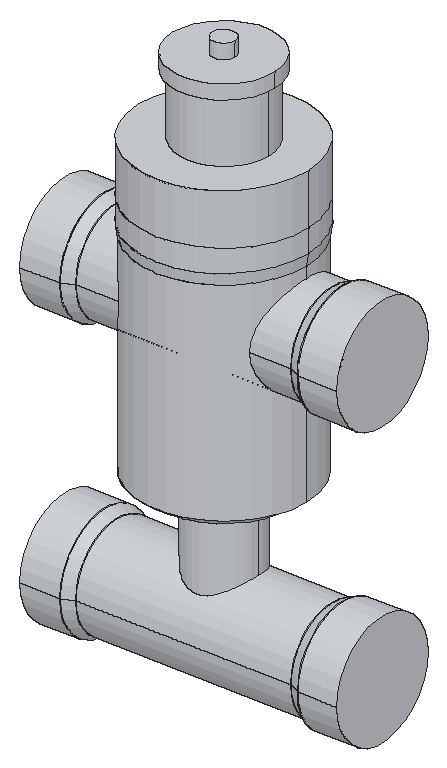
Revit family "VTX21P_DN20_PN16_RFA_2019", category Pipe Accessories, Revit 2019
Family settings
  Round Connector Dimension = Use Diameter
  Part Type = Valve - Breaks Into
  Work Plane-Based = No
  Always vertical = Yes
  Cut with Voids When Loaded = No
  Shared = No
Parameters (values of type "VTX21P G3/4  PN16 kvs2,5")
  magiProductId = ""
  magiProductFamilyId = ""
  magiPartTypeId = 306
  isMeasuringValve [instance] = no
  ang2D [instance] = 0.00°
  Z8 = 4 mm
  Z7__ve = -Z7  # -2.5 mm
  Z7 = 2.5 mm
  Z5 = 9.1 mm
  Z3 = 2 mm
  Z2 = 17.5 mm
  X4__ve = -X4  # -7 mm
  X4 = 7 mm
  X3 = 38 mm
  W2D = 15 mm
  VersionID = ""
  Use Minimum Symbol Size [instance] = yes
  URL = "www.hydronix.cz"
  Type Comments = "Závitový, vnější závit, ploché těsnění; LIN charakteristika; PN16; +5~+95°C; max.rychlost proudění 3,0 m/s"
  R9 = 9 mm
  R8 = 2 mm
  R7 = 15 mm
  R6 = 11.76 mm
  R5 = 7.409 mm
  R4 = 6.174 mm
  R2 = 14.7 mm
  R10 = 8 mm
  R1 = 9 mm
  QmdConnectorList = "301;D;302;D"
  Productdata [instance] = ""
  Manufacturer = "Hydronix"
  MC2 = yes
  MC Product Code = "VTX21P (G3/4\"; dpmax=150kPa; kvs 2,5)"
  MC = no
  LT2 = 21 mm
  L2D_Min = 3048 mm
  L2D = 38 mm
  H1 = 37.4 mm
  H = 26 mm
  E = 16 mm
  Description = "3 cestný regulační ventil malých spotřebičů s obtokem, DN20; zdvih 2,5mm; max dp 150kPa; kvs2,5"
  DT2 = 10 mm
  D = 20 mm
  CAT0 = yes
  C = 50 mm
Types (8, lengths in mm): name | Z5 | Z2 | X3 | R6 | R5 | R4 | R2 | R1 | MC Product Code | LT2 | H1 | H | Description | DT2 | D | C
  VTX09P G1/2  PN16 kvs0,25 | 9.45 | 8.05 | 34 | 10.64 | 6.703 | 5.586 | 13.3 | 6.75 | "VTX09P (G1/2\"; dpmax=250kPa; kvs 0,25)" | 19 | 20.5 | 27 | "3 cestný regulační ventil malých spotřebičů s obtokem, DN15; zdvih 2,5mm; max dp 250kPa; kvs0,25" | 7.5 | 15 | 23
  VTX10P G1/2  PN16 kvs0,4 | 9.45 | 8.05 | 34 | 10.64 | 6.703 | 5.586 | 13.3 | 6.75 | "VTX10P (G1/2\"; dpmax=250kPa; kvs 0,4)" | 19 | 20.5 | 27 | "3 cestný regulační ventil malých spotřebičů s obtokem, DN15; zdvih 2,5mm; max dp 250kPa; kvs0,4" | 7.5 | 15 | 23
  VTX12P G1/2  PN16 kvs1,0 | 9.45 | 8.05 | 34 | 10.64 | 6.703 | 5.586 | 13.3 | 6.75 | "VTX12P (G1/2\"; dpmax=250kPa; kvs 1,0)" | 19 | 20.5 | 27 | "3 cestný regulační ventil malých spotřebičů s obtokem, DN15; zdvih 2,5mm; max dp 250kPa; kvs1,0" | 7.5 | 15 | 23
  VTX13P G1/2  PN16 kvs1,6 | 9.45 | 8.05 | 34 | 10.64 | 6.703 | 5.586 | 13.3 | 6.75 | "VTX13P (G1/2\"; dpmax=250kPa; kvs 1,6)" | 19 | 20.5 | 27 | "3 cestný regulační ventil malých spotřebičů s obtokem, DN15; zdvih 2,5mm; max dp 250kPa; kvs1,6" | 7.5 | 15 | 23
  VTX21P G3/4  PN16 kvs2,5 | 9.1 | 17.5 | 38 | 11.76 | 7.409 | 6.174 | 14.7 | 9 | "VTX21P (G3/4\"; dpmax=150kPa; kvs 2,5)" | 21 | 37.4 | 26 | "3 cestný regulační ventil malých spotřebičů s obtokem, DN20; zdvih 2,5mm; max dp 150kPa; kvs2,5" | 10 | 20 | 50
  VTX24P G3/4  PN16 kvs4,0 | 9.1 | 17.5 | 38 | 11.76 | 7.409 | 6.174 | 14.7 | 9 | "VTX24P (G3/4\"; dpmax A-AB=100kPa;  dpmax B-AB=40kPa;  kvs 4,0)" | 21 | 37.4 | 26 | "3 cestný regulační ventil malých spotřebičů s obtokem, DN20; zdvih 2,5mm; max dp A-AB 100kPa; max dp B-AB 40kPa; kvs4,0" | 10 | 20 | 50
  VTX26P G3/4  PN16 kvs6,0 | 9.1 | 17.5 | 38 | 11.76 | 7.409 | 6.174 | 14.7 | 9 | "VTX26P (G3/4\"; dpmax A-AB=100kPa;  dpmax B-AB=40kPa; kvs 6,0)" | 21 | 37.4 | 26 | "3 cestný regulační ventil malých spotřebičů s obtokem, DN20; zdvih 2,5mm; max dp A-AB 100kPa; max dp B-AB 40kPa; kvs6,0" | 10 | 20 | 50
  VTX11P G1/2  PN16 kvs0,6 | 9.45 | 8.05 | 34 | 10.64 | 6.703 | 5.586 | 13.3 | 6.75 | "VTX11P (G1/2\"; dpmax=250kPa; kvs 0,6)" | 19 | 20.5 | 27 | "3 cestný regulační ventil malých spotřebičů s obtokem, DN15; zdvih 2,5mm; max dp 250kPa; kvs0,6" | 7.5 | 15 | 23
Reference planes
  plane 1 "Center (Front/Back)": y = 0
  plane 2 "XYPLANE": z = 0
  plane 3 "Center (Left/Right)": x = 0
  plane 4 "271": z = 37
  plane 5 "254": z = 10.9
  plane 6 "253": z = 16.9
  plane 7 "148": z = 39.5
  plane 8 "132": z = 42
  plane 9 "62": z = 12.9
  plane 10 "53": z = 26
  plane 11 "52": z = -26.5
  plane 12 "48": z = -28.5
  plane 13 "47": z = -30.5
  plane 14 "38": z = -48
  plane 15 "37": x = 19
  plane 16 "36": x = 21
  plane 17 "23": z = -50
  plane 18 "19": x = -19
  plane 19 "15": x = -21
  plane 20 "6": x = 28
  plane 21 "5": x = -28
  plane 22 "3": z = 0
  plane 23 "2": y = 0
  plane 24 "1": x = 0
Forms (mm)
  Extrusion 1, solid
    sketch origin (-19, -750, 0) x (0, 1, 0) y (0, 0, 1)
      loop
        circle (750, -50) r 9
    from 0 to 38 <- "X3"
  Blend 2, solid
    base sketch origin (21, -750, 0) x (0, 1, 0) y (0, 0, 1)
      loop
        circle (750, -50) r 10
    top sketch origin (21, -750, 0) x (0, 1, 0) y (0, 0, 1)
      loop
        circle (750, -50) r 9
    from 0 to -2
  Extrusion 3, solid
    sketch origin (28, -750, 0) x (0, 1, 0) y (0, 0, 1)
      loop
        circle (750, -50) r 10
    from 0 to -7 <- "X4__ve"
  Extrusion 4, solid
    sketch origin (-28, -750, 0) x (0, 1, 0) y (0, 0, 1)
      loop
        circle (750, -50) r 10
    from 0 to 7 <- "X4"
  Blend 5, solid
    base sketch origin (-21, -750, 0) x (0, 1, 0) y (0, 0, 1)
      loop
        circle (750, -50) r 10
    top sketch origin (-21, -750, 0) x (0, 1, 0) y (0, 0, 1)
      loop
        circle (750, -50) r 9
    from 0 to 2
  Extrusion 6, solid, visible <- "CAT0"
    sketch origin (-750, 0, 42) x (1, 0, 0) y (0, 1, 0)
      loop
        circle (750, 0) r 2
    from 0 to -2.5 <- "Z7__ve"
  Extrusion 7, solid, visible <- "CAT0"
    sketch origin (-750, 0, 37) x (1, 0, 0) y (0, 1, 0)
      loop
        circle (750, 0) r 8
    from 0 to -19
  Extrusion 8, solid, visible <- "CAT0"
    sketch origin (-19, -750, 0) x (0, 1, 0) y (0, 0, 1)
      loop
        circle (750, 0) r 9
    from 0 to 38 <- "X3"
  Extrusion 9, solid
    sketch origin (-750, 0, 12.9) x (1, 0, 0) y (0, 1, 0)
      loop
        circle (750, 0) r 15
    from 0 to 4 <- "Z8"
  Extrusion 10, solid
    sketch origin (-750, 0, 39.5) x (1, 0, 0) y (0, 1, 0)
      loop
        circle (750, 0) r 9
    from 0 to -2.5 <- "Z7__ve"
  Extrusion 11, solid
    sketch origin (-750, 0, 16.9) x (1, 0, 0) y (0, 1, 0)
      loop
        circle (750, 0) r 15
    from 0 to 9.1 <- "Z5"
  Blend 12, solid
    base sketch origin (-750, 0, 10.9) x (1, 0, 0) y (0, 1, 0)
      loop
        circle (750, 0) r 14.7
    top sketch origin (-750, 0, 10.9) x (1, 0, 0) y (0, 1, 0)
      loop
        circle (750, 0) r 15
    from 0 to 2
  Blend 13, solid
    base sketch origin (-750, 0, -26.5) x (1, 0, 0) y (0, 1, 0)
      loop
        circle (750, 0) r 14.7
    top sketch origin (-750, 0, -26.5) x (1, 0, 0) y (0, 1, 0)
      loop
        circle (750, 0) r 11.76
    from 0 to -2
  Blend 14, solid
    base sketch origin (-750, 0, -28.5) x (1, 0, 0) y (0, 1, 0)
      loop
        circle (750, 0) r 7.409
    top sketch origin (-750, 0, -28.5) x (1, 0, 0) y (0, 1, 0)
      loop
        circle (750, 0) r 6.174
    from 0 to -2
  Extrusion 15, solid
    sketch origin (-750, 0, -48) x (1, 0, 0) y (0, 1, 0)
      loop
        circle (750, 0) r 6.174
    from 0 to 17.5 <- "Z2"
  Extrusion 16, solid
    sketch origin (28, -750, 0) x (0, 1, 0) y (0, 0, 1)
      loop
        circle (750, 0) r 10
    from 0 to -7 <- "X4__ve"
  Blend 17, solid
    base sketch origin (21, -750, 0) x (0, 1, 0) y (0, 0, 1)
      loop
        circle (750, 0) r 10
    top sketch origin (21, -750, 0) x (0, 1, 0) y (0, 0, 1)
      loop
        circle (750, 0) r 9
    from 0 to -2
  Extrusion 18, solid
    sketch origin (-750, 0, -26.5) x (1, 0, 0) y (0, 1, 0)
      loop
        circle (750, 0) r 14.7
    from 0 to 37.4 <- "H1"
  Blend 19, solid
    base sketch origin (-21, -750, 0) x (0, 1, 0) y (0, 0, 1)
      loop
        circle (750, 0) r 10
    top sketch origin (-21, -750, 0) x (0, 1, 0) y (0, 0, 1)
      loop
        circle (750, 0) r 9
    from 0 to 2
  Extrusion 20, solid
    sketch origin (-28, -750, 0) x (0, 1, 0) y (0, 0, 1)
      loop
        circle (750, 0) r 10
    from 0 to 7 <- "X4"
  Extrusion 21, solid, not visible
    sketch origin (21, -750, 0) x (0, 1, 0) y (0, 0, 1)
      loop
        circle (750, 0) r 10
    from 0 to -10
  Extrusion 22, solid, not visible
    sketch origin (-21, -750, 0) x (0, 1, 0) y (0, 0, 1)
      loop
        circle (750, 0) r 10
    from 0 to 10
Lines and regions (mm)
  reference lines, not visible
    curve 1: circle (2, 2, 0) r 1 normal (0, 0, 1)
Dimensions and locks
  plane 1 "Center (Front/Back)" to curve 1 = 2 mm
  "Z7": plane 7 "148" to plane 4 "271"
  "Z3": plane 9 "62" to plane 5 "254"
  "Z5": plane 10 "53" to plane 6 "253"
  "Z7": plane 8 "132" to plane 7 "148"
  "E": plane 10 "53" to plane 8 "132"
  "Z8": plane 6 "253" to plane 9 "62"
  "H": plane 2 "XYPLANE" to plane 10 "53"
  "Z3": plane 12 "48" to plane 11 "52"
  "Z3": plane 13 "47" to plane 12 "48"
  "Z2": plane 14 "38" to plane 13 "47"
  "Z3": plane 17 "23" to plane 14 "38"
  locked: plane 16 "36" to plane 15 "37" at 2
  "LT2": plane 3 "Center (Left/Right)" to plane 16 "36"
  "C": plane 2 "XYPLANE" to plane 17 "23"
  locked: plane 19 "15" to plane 18 "19" at 2
  "LT2": plane 3 "Center (Left/Right)" to plane 19 "15"
  "X4": plane 16 "36" to plane 20 "6"
  "X4": plane 19 "15" to plane 21 "5"
  locked: plane 2 "XYPLANE" to plane 22 "3"
  locked: plane 1 "Center (Front/Back)" to plane 23 "2"
  locked: plane 3 "Center (Left/Right)" to plane 24 "1"
  "R1": radius of Extrusion 1 sketch curve
  "R1": radius of Blend 2 sketch curve
  "DT2": radius of Blend 2 sketch curve
  "DT2": radius of Extrusion 3 sketch curve
  "DT2": radius of Extrusion 4 sketch curve
  "R1": radius of Blend 5 sketch curve
  "DT2": radius of Blend 5 sketch curve
  "R8": radius of Extrusion 6 sketch curve
  "R10": radius of Extrusion 7 sketch curve
  "R1": radius of Extrusion 8 sketch curve
  "R7": radius of Extrusion 9 sketch curve
  "R9": radius of Extrusion 10 sketch curve
  "R7": radius of Extrusion 11 sketch curve
  "R7": radius of Blend 12 sketch curve
  "R2": radius of Blend 12 sketch curve
  "R6": radius of Blend 13 sketch curve
  "R2": radius of Blend 13 sketch curve
  "R4": radius of Blend 14 sketch curve
  "R5": radius of Blend 14 sketch curve
  "R4": radius of Extrusion 15 sketch curve
  "DT2": radius of Extrusion 16 sketch curve
  "R1": radius of Blend 17 sketch curve
  "DT2": radius of Blend 17 sketch curve
  "R2": radius of Extrusion 18 sketch curve
  "R1": radius of Blend 19 sketch curve
  "DT2": radius of Blend 19 sketch curve
  "DT2": radius of Extrusion 20 sketch curve
  aligned and locked: level to plane 2 "XYPLANE"
  aligned and locked: plane 17 "23" to Extrusion 1 sketch curve
  aligned and locked: Extrusion 1 sketch curve to plane 23 "2"
  aligned and locked: plane 17 "23" to Blend 2 sketch curve  (x2)
  aligned and locked: Blend 2 sketch curve to plane 23 "2"  (x2)
  aligned and locked: Blend 2 to plane 15 "37"
  aligned and locked: plane 17 "23" to Extrusion 3 sketch curve
  aligned and locked: Extrusion 3 sketch curve to plane 23 "2"
  aligned and locked: plane 17 "23" to Extrusion 4 sketch curve
  aligned and locked: Extrusion 4 sketch curve to plane 23 "2"
  aligned and locked: plane 17 "23" to Blend 5 sketch curve  (x2)
  aligned and locked: Blend 5 sketch curve to plane 23 "2"  (x2)
  aligned and locked: plane 18 "19" to Blend 5
  aligned and locked: plane 23 "2" to Extrusion 6 sketch curve
  aligned and locked: plane 24 "1" to Extrusion 6 sketch curve
  aligned and locked: plane 23 "2" to Extrusion 7 sketch curve
  aligned and locked: plane 24 "1" to Extrusion 7 sketch curve
  aligned and locked: plane 22 "3" to Extrusion 8 sketch curve
  aligned and locked: Extrusion 8 sketch curve to plane 23 "2"
  aligned and locked: plane 23 "2" to Extrusion 9 sketch curve
  aligned and locked: plane 24 "1" to Extrusion 9 sketch curve
  aligned and locked: plane 23 "2" to Extrusion 10 sketch curve
  aligned and locked: plane 24 "1" to Extrusion 10 sketch curve
  aligned and locked: plane 23 "2" to Extrusion 11 sketch curve
  aligned and locked: plane 24 "1" to Extrusion 11 sketch curve
  aligned and locked: plane 23 "2" to Blend 12 sketch curve  (x2)
  aligned and locked: plane 24 "1" to Blend 12 sketch curve  (x2)
  aligned and locked: plane 9 "62" to Blend 12
  aligned and locked: plane 23 "2" to Blend 13 sketch curve  (x2)
  aligned and locked: plane 24 "1" to Blend 13 sketch curve  (x2)
  aligned and locked: Blend 13 to plane 12 "48"
  aligned and locked: plane 23 "2" to Blend 14 sketch curve  (x2)
  aligned and locked: plane 24 "1" to Blend 14 sketch curve  (x2)
  aligned and locked: Blend 14 to plane 13 "47"
  aligned and locked: plane 23 "2" to Extrusion 15 sketch curve
  aligned and locked: plane 24 "1" to Extrusion 15 sketch curve
  aligned and locked: plane 22 "3" to Extrusion 16 sketch curve
  aligned and locked: Extrusion 16 sketch curve to plane 23 "2"
  aligned and locked: plane 22 "3" to Blend 17 sketch curve  (x2)
  aligned and locked: Blend 17 sketch curve to plane 23 "2"  (x2)
  aligned and locked: Blend 17 to plane 15 "37"
  aligned and locked: plane 23 "2" to Extrusion 18 sketch curve
  aligned and locked: plane 24 "1" to Extrusion 18 sketch curve
  aligned and locked: plane 22 "3" to Blend 19 sketch curve  (x2)
  aligned and locked: Blend 19 sketch curve to plane 23 "2"  (x2)
  aligned and locked: plane 18 "19" to Blend 19
  aligned and locked: plane 22 "3" to Extrusion 20 sketch curve
  aligned and locked: Extrusion 20 sketch curve to plane 23 "2"
  aligned and locked: plane 22 "3" to Extrusion 21 sketch curve
  aligned and locked: Extrusion 21 sketch curve to plane 23 "2"
  aligned and locked: plane 22 "3" to Extrusion 22 sketch curve
  aligned and locked: Extrusion 22 sketch curve to plane 23 "2"
Automatic sketch dimensions
  plane 1 "Center (Front/Back)" to Extrusion 21 sketch curve = 10 mm
  plane 1 "Center (Front/Back)" to Extrusion 22 sketch curve = 10 mm
  plane 3 "Center (Left/Right)" to curve 1 = 2 mm
  radius of curve 1 = 1 mm
Connectors
  piping at (-21, 0, 0), diameter 20, driven by "D"
    settings: on Extrusion 22, index 1, connector inside diameter 609.6 mm, connector length 0 mm, flow factor 0, pipe flow 0.0 L/s, pressure drop 0.0 Pa, fitting loss kfactor 0, connector angle 0.00°, fixture units 0, engagement length 0 mm, angle of deflection 0.00°, flow configuration 0, flow direction 0, fitting loss method 0, system type 29, joint type 0, gender type 0, connector reference index 2, connector utility 0, adjustable connector no, is connector primary yes, connector description ""
  piping at (21, 0, 0), diameter 20, driven by "D"
    settings: on Extrusion 21, index 2, connector inside diameter 609.6 mm, connector length 0 mm, flow factor 0, pipe flow 0.0 L/s, pressure drop 0.0 Pa, fitting loss kfactor 0, connector angle 0.00°, fixture units 0, engagement length 0 mm, angle of deflection 0.00°, flow configuration 0, flow direction 0, fitting loss method 0, system type 29, joint type 0, gender type 0, connector reference index 1, connector utility 0, adjustable connector no, is connector primary no, connector description ""
